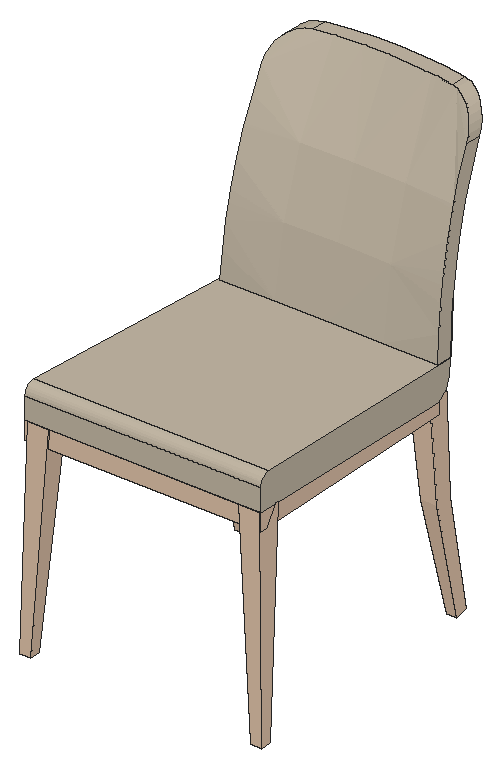
Revit family "Furniture_Chair_OPERA 1.1", category Furniture, Revit 2020
Family settings
  OmniClass Number = 23.21.23.15.17
  Work Plane-Based = Yes
  Always vertical = No
  Cut with Voids When Loaded = No
  Shared = No
  Room Calculation Point = No
Parameters (values of type "OPERA 1.1")
  Youtube clip = ""
  Uniformat II Description = "Movable Furnishings"
  Uniformat II Code = ""
  Uniclass 2015 Name = ""
  Uniclass 2015 Code = ""
  Uniclass 2.0 Description = ""
  Uniclass 2.0 Code = ""
  Uniclass 1.4 Description = ""
  Uniclass 1.4 Code = ""
  UNSPSC Code = ""
  Technical description = ""
  Shell Material = Fabric - Mainline Flax - Upminster MLF20
  Frame Material = Wood - Beech - Timber
  Region South America = "All"
  Region Oceania = "All"
  Region North America = "All"
  Region Middle East = "All"
  Region Europe = "All"
  Region Asia = "All"
  Region Antarctica = "All"
  Region Africa = "All"
  QR code = "https://www.sandlerseating.com/product/opera-1-1/"
  Product url = "https://www.sandlerseating.com/product/opera-1-1/"
  Product name = "OPERA 1.1"
  Product group = "Chair"
  Product family = "Furniture"
  Product data url = "https://www.sandlerseating.com/product/opera-1-1/"
  Product certification = ""
  Product SKU = "??"
  Product Guid = "??"
  OmniClass Description = ""
  OmniClass Code = "23-21 23 15 17"
  NBS Reference Description = ""
  NBS Reference Code = ""
  Model = "OPERA 1.1"
  Masterformat 2014 Description = "Chair Mats"
  Masterformat 2014 Code = "12 48 43.13"
  Manufacturer name = "Sandler"
  Manufacturer country = "USA"
  Manufacturer = "Sandler"
  Installation instructions = ""
  IFC Classification = "Furnishing Element"
  GTIN code = ""
  Edition number = 1
  Design country = "Brasil"
  Description = "Chair"
  Default Elevation = 0.000 mm
  Date of publishing = ""
  COBIe Type Category = ""
  Brand url = "https://www.sandlerseating.com/"
  BIMobject main category code = "furniture"
  BIMobject main category = "Furniture"
  BIMobject category code = "furniture-chair"
  BIMobject category = "Chair"
Reference planes
  plane 1 "Center Front/Back": y = 0
  plane 2: z = 0
  plane 3 "Center Left/Right": x = 0
Forms (mm)
  SweptBlend 1, solid, material "Fabric - Mainline Flax - Upminster MLF20" <- "Shell Material"
    path origin (-4.654, 182.052, 0) x (0, 1, 0) y (0, 0, 1)
      loop
        arc (227.043, 935.903) -> (118.098, 711.743) -> (77.842, 465.784) r 861.952
    profile origin (-4.654, 409.095, 935.903) x (0, 0.826756, -0.562561) y (1, 0, 0)
      loop
        arc (-15.193, -205.381) -> (10.518, 5.488) -> (-17.717, 216.034) r 836.499
        line (-17.717, 216.034) -> (-41.929, 209.801)
        arc (-41.929, 209.801) -> (-14.481, 5.338) -> (-39.477, -199.44) r 811.499
        line (-39.477, -199.44) -> (-15.193, -205.381)
    end profile origin (-4.654, 259.893, 465.784) x (0, 0.999853, -0.017149) y (1, 0, 0)
      loop
        line (-53.74, -215.33) -> (-21.338, -215.33) -> (-21.338, 223.543) -> (-53.74, 223.543) -> (-53.74, -215.33)
  Extrusion 2, void
    sketch origin (-4.654, 147.052, 0) x (1, 0, 0) y (0, 0, 1)
      loop
        line (-211.691, 454.241) -> (-199.015, 817.212)
        arc (-199.015, 817.212) -> (-179.208, 861.701) -> (-134.055, 879.944) r 65
        line (-134.055, 879.944) -> (144.055, 879.944)
        arc (144.055, 879.944) -> (189.208, 861.701) -> (209.015, 817.212) r 65
        line (209.015, 817.212) -> (221.747, 452.617) -> (281.747, 452.617) -> (281.747, 1052.617) -> (-258.253, 1052.617) -> (-258.253, 454.241) -> (-211.691, 454.241)
    from -302.197 to -37.942
  Extrusion 3, solid, material "Fabric - Mainline Flax - Upminster MLF20" <- "Shell Material"
    sketch origin (-4.654, 147.052, 0) x (0, 1, 0) y (0, 0, 1)
      loop
        line (85.859, 465.538) -> (-379.962, 477.101)
        arc (-379.962, 477.101) -> (-395.218, 471.111) -> (-401.584, 456.009) r 21.098
        line (-401.584, 456.009) -> (-401.584, 413.215) -> (47.912, 402.058)
        arc (47.912, 402.058) -> (72.331, 411.155) -> (83.696, 434.606) r 35
        line (83.696, 434.606) -> (85.859, 465.538)
    from -228.922 to 238.23
  Extrusion 4, void
    sketch origin (-4.654, 147.052, 840) x (-1, 0, 0) y (0, -1, 0)
      loop
        line (228.917, 401.424) -> (212.634, -91.507) -> (233.761, -91.507) -> (233.761, 401.424) -> (228.917, 401.424)
    from -485.955 to -340
  Extrusion 5, void
    sketch origin (4.659, 146.892, 840) x (1, 0, 0) y (0, 1, 0)
      loop
        line (228.917, -401.424) -> (233.761, -401.424) -> (233.761, 91.667) -> (212.629, 91.667) -> (228.917, -401.424)
    from -485.955 to -340
  SweptBlend 6, solid, material "Wood - Beech - Timber" <- "Frame Material"
    path origin (-4.654, 141.23, 0.048) x (0, 1, 0) y (0, 0, 1)
      loop
        arc (73.111, 431.167) -> (83.348, 213.822) -> (123.643, 0) r 1564.379
    profile origin (-4.654, 214.341, 431.215) x (0, 0.999746, -0.022534) y (1, 0, 0)
      loop
        line (23.228, -166.528) -> (-18.828, -166.528) -> (-18.828, -210.533) -> (23.228, -210.533) -> (23.228, -166.528)
    end profile origin (-4.654, 264.872, 0.048) x (0, 0.967445, 0.253082) y (1, 0, 0)
      loop
        line (10.783, -220.407) -> (10.783, -200.254) -> (-11.421, -200.254) -> (-11.421, -220.407) -> (10.783, -220.407)
  Blend 7, solid, material "Wood - Beech - Timber" <- "Frame Material"
    base sketch origin (-4.654, 147.052, 840) x (-1, 0, 0) y (0, -1, 0)
      loop
        line (224.547, 401.584) -> (181.702, 401.584) -> (181.702, 358.941) -> (224.547, 358.941) -> (224.547, 401.584)
    top sketch origin (-4.654, 147.052, 840) x (-1, 0, 0) y (0, -1, 0)
      loop
        line (233.209, 408.76) -> (212.296, 408.76) -> (212.296, 387.784) -> (233.209, 387.784) -> (233.209, 408.76)
    from -426.785 to -840
  Blend 8, solid, material "Wood - Beech - Timber" <- "Frame Material"
    base sketch origin (7.846, 147.052, 840) x (1, 0, 0) y (0, 1, 0)
      loop
        line (224.547, -401.584) -> (224.547, -358.941) -> (181.702, -358.941) -> (181.702, -401.584) -> (224.547, -401.584)
    top sketch origin (7.846, 147.052, 840) x (1, 0, 0) y (0, 1, 0)
      loop
        line (233.209, -408.76) -> (233.209, -387.784) -> (212.296, -387.784) -> (212.296, -408.76) -> (233.209, -408.76)
    from -426.785 to -840
  Extrusion 9, solid, material "Wood - Beech - Timber" <- "Frame Material"
    sketch origin (-4.654, 147.052, 840) x (-1, 0, 0) y (0, -1, 0)
      loop
        line (228.922, 401.584) -> (-238.23, 401.584) -> (-223.012, -59.11) -> (213.705, -59.11) -> (228.922, 401.584)
    from -461.691 to -426.785
  Extrusion 10, void
    sketch origin (-4.654, 147.052, 840) x (-1, 0, 0) y (0, -1, 0)
      loop
        line (184.679, -29.11) -> (197.915, 371.584) -> (-207.223, 371.584) -> (-193.987, -29.11) -> (184.679, -29.11)
    from -499.022 to -395
  SweptBlend 11, solid, material "Wood - Beech - Timber" <- "Frame Material"
    path origin (-4.654, 141.23, 0.048) x (0, 1, 0) y (0, 0, -1)
      loop
        arc (73.111, -431.167) -> (83.348, -213.822) -> (123.643, 0) r 1564.379
    profile origin (-4.654, 214.341, 431.215) x (0, -0.999746, 0.022534) y (-1, 0, 0)
      loop
        line (-23.228, -166.528) -> (-23.228, -210.533) -> (18.828, -210.533) -> (18.828, -166.528) -> (-23.228, -166.528)
    end profile origin (-4.654, 264.872, 0.048) x (0, -0.967445, -0.253082) y (-1, 0, 0)
      loop
        line (-10.783, -220.407) -> (11.421, -220.407) -> (11.421, -200.254) -> (-10.783, -200.254) -> (-10.783, -220.407)
Cuts and joins
  Extrusion 2 cuts SweptBlend 1
  Extrusion 4, Extrusion 5 cuts Extrusion 3
  Extrusion 10 cuts Extrusion 9
Dimensions and locks
  aligned and locked: level to plane 2
